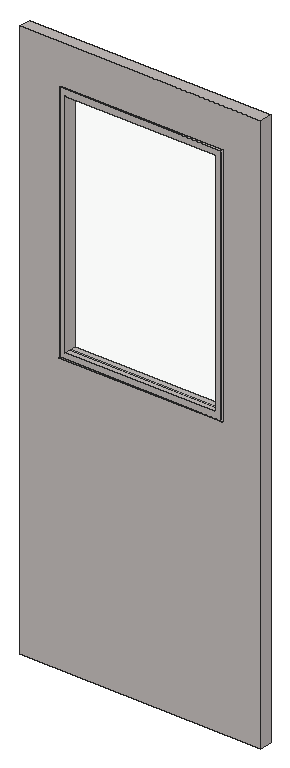
Revit family "Door-Panel_Galaxy-Metal-Doors_Half-Glass", category Doors, Revit 2026
Family settings
  Classification Number = 23.30.10.11.14
  Work Plane-Based = No
  Always vertical = Yes
  Cut with Voids When Loaded = No
  Shared = Yes
  Room Calculation Point = No
Parameters
  offset [instance] = 0' - 0"
  Width [instance] = 3' - 0"
  Warranty Duration (Years) = 0
  Vision Lite Height = 3' - 0"
  URL = "galaxymetalproducts.com"
  Thickness [instance] = 0' - 1 3/4"
  Stile Width = 0' - 6"
  Specification = "http://www.arcat.com/sd/clients/galaxyme.html?coid=48404"
  SpecWizard = ""
  Send Message = "http://www.arcat.com/arcatcos/cos48/arc48404.html"
  Sales Information = "http://www.arcat.com/arcatcos/cos48/arc48404.html"
  Revision = "R1_04-2017"
  Rail Width Top = 0' - 6 1/8"
  Product Properties = ""
  Product Data = "http://www.arcat.com/arcatcos/cos48/arc48404.html"
  Panel Material [instance] = Metal - Steel - Galaxy - Primed
  Model = "As Specified"
  Manufacturer Website = "http://galaxymetalproducts.com/"
  Manufacturer Phone - Toll Free = "800-294-8199"
  Manufacturer Phone = "800-294-8199"
  Manufacturer Fax = ""
  Manufacturer Address = "2960 Woodbridge Ave. Edison, NJ 08837"
  Manufacturer = "Galaxy Metal Products, LLC"
  Maintenance Schedule (Months) = 0
  Keynote = "08 11 10"
  Installation-Fabrication = ""
  Installation Phase = ""
  Height [instance] = 7' - 0"
  Green Building-LEED = "http://www.arcat.com/green/clients/leed_data_48404.html"
  Glass Thickness = 0' - 0 1/4"
  Glass Frame Width = 0' - 1"
  Function = Interior
  Expected Lifespan (Years) = 0
  Drawn By = "Sumex Design, Inc. / Robert S. Weygant, CSI, CDT, SCIP"
  Door Glazing [instance] = Glass - Clear - Galaxy - Tempered
  Description = ""
  Copyright = "©Arcat Inc."
  Construction Details = "http://www.arcat.com/details/galaxyme/prod3845.html"
  Assembly Code = "C1020110"
Reference planes (in)
  plane 1 "Center (Front/Back)": y = 0
  plane 2 "Bottom": z = 0
  plane 3 "Center (Left/Right)": x = 0
  plane 4 "Front": y = -0.875
  plane 5 "Back": y = 0.875
  plane 6 "Left": x = -18
  plane 7 "Right": x = 18
  plane 8 "Top": z = 84
  plane 9: z = 42
  plane 10: x = -12
  plane 11: x = 12
  plane 12: z = 77.875
  plane 13: z = 41.875
  plane 14: y = 0.125
  plane 15: y = -0.125
Forms (in)
  Extrusion 1, solid, material "Metal - Steel - Galaxy - Primed" <- "Panel Material"
    sketch origin (-11.94222, 0.875, 48) x (-1, 0, 0) y (0, 0, 1)
      loop
        line (6.05778, 36) -> (-29.94222, 36) -> (-29.94222, -48) -> (6.05778, -48) -> (6.05778, 36)
      loop
        line (0.05778, 29.875) -> (-23.94222, 29.875) -> (-23.94222, -6.125) -> (0.05778, -6.125) -> (0.05778, 29.875)
    from 0 to -1.75
  Extrusion 2, solid, material "Glass - Clear - Galaxy - Tempered" <- "Door Glazing"
    sketch origin (-20.25, -0.125, 48) x (-1, 0, 0) y (0, 0, -1)
      loop
        line (-9, -29.125) -> (-9, 5.375) -> (-31.5, 5.375) -> (-31.5, -29.125) -> (-9, -29.125)
    from 0 to -0.25
  Sweep 3, solid, material "Metal - Steel - Galaxy - Primed" <- "Panel Material"
    path origin (0, 0, 0) x (1, 0, 0) y (0, 0, 1)
      loop
        line (-12, 77.875) -> (-12, 41.875) -> (12, 41.875) -> (12, 77.875) -> (-12, 77.875)
    profile "P_GlassFrame : P_GlassFrame" origin (0, 0, 77.875) x (0, 0, 1) y (0, -1, 0)
      loop
        line (0.25, 0.875) -> (0.07432, 0.95313) -> (-0.75, 0.95313) -> (-0.75, -0.95312) -> (0.07432, -0.95312) -> (0.25, -0.875) -> (0, -0.875) -> (0, 0.875) -> (0.25, 0.875)
Lines and regions (in)
  symbolic lines, style "Plan Swing"
    curve 1: arc (-18, 0.875, 0) -> (-7.45584, 26.33084, 0) -> (18, 36.875, 0) r 36
    curve 2: line (18, 0.875, 0) -> (16.25, 0.875, 0)
    curve 3: line (18, 36.875, 0) -> (18, 0.875, 0)
    curve 4: line (16.25, 36.875, 0) -> (18, 36.875, 0)
    curve 5: line (16.25, 0.875, 0) -> (16.25, 36.875, 0)
  symbolic lines, style "Elevation Swing"
    curve 6: line (-18, 0, 84) -> (18, 0, 42)
    curve 7: line (18, 0, 42) -> (-18, 0, 0)
Dimensions and locks (in)
  equal spacing: plane 6 "Left", plane 3 "Center (Left/Right)", plane 7 "Right"
  "Width": plane 6 "Left" to plane 7 "Right"
  equal spacing: plane 5 "Back", plane 1 "Center (Front/Back)", plane 4 "Front"
  "Thickness": plane 5 "Back" to plane 4 "Front"
  "Height": plane 8 "Top" to plane 2 "Bottom"
  "Width": curve 4 to plane 5 "Back"
  "Thickness": curve 5 to plane 7 "Right"
  equal spacing: plane 8 "Top", plane 9, level
  "Rail Width Top": plane 8 "Top" to plane 12
  "Vision Lite Height": plane 12 to plane 13
  equal spacing: plane 15, plane 1 "Center (Front/Back)", plane 14
  "Glass Thickness": plane 15 to plane 14
  "Stile Width": plane 7 "Right" to plane 11
  "Stile Width": plane 10 to plane 6 "Left"
  aligned and locked: Extrusion 1 to plane 4 "Front"
  aligned and locked: plane 14 to Extrusion 2
  aligned and locked: plane 2 "Bottom" to level
Automatic sketch dimensions
  curve 1 to plane 5 "Back" = 0' - 0"
  curve 1 to plane 6 "Left" = 0' - 0"
  curve 5 to plane 5 "Back" = 0' - 0"
  curve 3 to plane 7 "Right" = 0' - 0"
  curve 7 to level = 0' - 0"
  curve 7 to plane 6 "Left" = 0' - 0"
  curve 6 to plane 6 "Left" = 0' - 0"
  curve 6 to plane 7 "Right" = 0' - 0"
  curve 6 to plane 9 = 0' - 0"
  curve 6 to plane 8 "Top" = 0' - 0"
  Extrusion 1 sketch curve to plane 7 "Right" = 0' - 0"
  Extrusion 1 sketch curve to plane 11 = 0' - 0"
  Extrusion 1 sketch curve to plane 10 = 0' - 0"
  Extrusion 1 sketch curve to plane 6 "Left" = 0' - 0"
  Extrusion 1 sketch curve to level = 0' - 0"
  Extrusion 1 sketch curve to plane 13 = 0' - 0"
  Extrusion 1 sketch curve to plane 12 = 0' - 0"
  Extrusion 1 sketch curve to plane 8 "Top" = 0' - 0"
  plane 11 to Extrusion 2 sketch curve = 0' - 0 3/4"
  Extrusion 2 sketch curve to plane 10 = 0' - 0 3/4"
  Extrusion 2 sketch curve to plane 13 = 0' - 0 3/4"
  plane 12 to Extrusion 2 sketch curve = 0' - 0 3/4"
  Sweep 3 sketch curve to plane 10 = 0' - 0"
  Sweep 3 sketch curve to plane 11 = 0' - 0"
  Sweep 3 sketch curve to plane 13 = 0' - 0"
  Sweep 3 sketch curve to plane 12 = 0' - 0"
